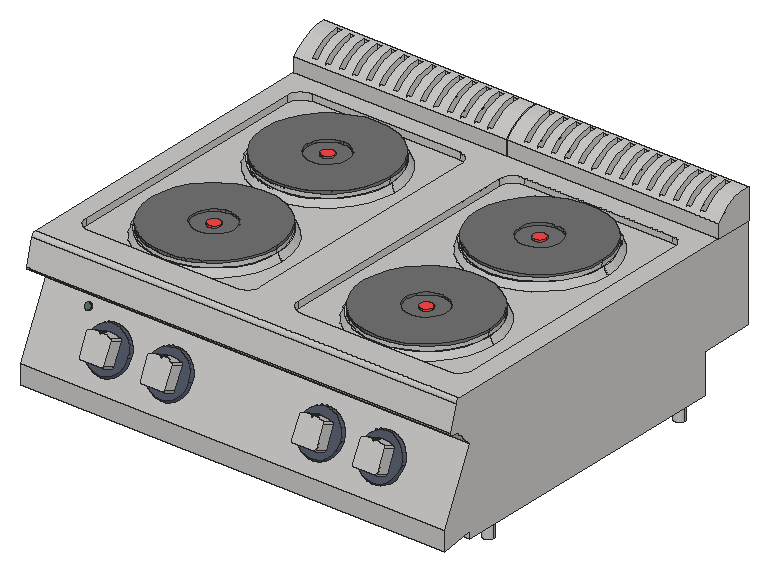
Revit family "QF_ZANUSSI_372015_Z7ECEH4R00", category Specialty Equipment, Revit 2018 (continued)
Automatic sketch dimensions
  curve 168 to curve 159 = 0 mm  (x2)
  curve 187 to curve 183 = 88.173 mm
  curve 203 to curve 199 = 88.173 mm
  curve 143 to curve 152 = 0 mm  (x2)
  curve 203 to curve 194 = 0 mm  (x2)
  curve 178 to curve 187 = 0 mm  (x2)
  curve 141 to curve 142 = 11.392 mm
  curve 138 to curve 139 = 0.809 mm
  curve 139 to curve 139 = 0.277 mm
  curve 142 to curve 142 = 0.284 mm
  curve 140 to curve 140 = 2.465 mm
  curve 142 to curve 145 = 20.417 mm
  curve 144 to curve 146 = 2 mm
  curve 149 to curve 148 = 2.189 mm
  curve 151 to curve 152 = 0.284 mm
  curve 148 to curve 148 = 0.277 mm
  curve 152 to curve 150 = 1.299 mm
  curve 147 to curve 150 = 9.809 mm
  curve 166 to curve 167 = 11.392 mm
  curve 163 to curve 167 = 1.583 mm
  curve 164 to curve 164 = 0.277 mm
  curve 168 to curve 167 = 0.284 mm
  curve 165 to curve 169 = 2.465 mm
  curve 167 to curve 168 = 20.417 mm
  curve 162 to curve 160 = 2 mm
  curve 156 to curve 155 = 2.189 mm
  curve 158 to curve 159 = 0.284 mm
  curve 155 to curve 155 = 0.277 mm
  curve 155 to curve 154 = 0.809 mm
  curve 159 to curve 157 = 1.299 mm
  curve 154 to curve 157 = 9.809 mm
  curve 176 to curve 177 = 11.392 mm
  curve 173 to curve 174 = 0.809 mm
  curve 174 to curve 174 = 0.277 mm
  curve 177 to curve 177 = 0.284 mm
  curve 175 to curve 175 = 2.465 mm
  curve 177 to curve 178 = 20.417 mm
  curve 178 to curve 187 = 2 mm
  curve 184 to curve 183 = 2.189 mm
  curve 186 to curve 187 = 0.284 mm
  curve 183 to curve 184 = 0.277 mm
  curve 183 to curve 183 = 0.809 mm
  curve 187 to curve 185 = 1.299 mm
  curve 182 to curve 185 = 9.809 mm
  curve 201 to curve 202 = 11.392 mm
  curve 202 to curve 202 = 1.583 mm
  curve 199 to curve 199 = 0.277 mm
  curve 202 to curve 202 = 0.284 mm
  curve 199 to curve 200 = 2.465 mm
  curve 202 to curve 196 = 20.417 mm
  curve 203 to curve 194 = 2 mm
  curve 191 to curve 190 = 2.189 mm
  curve 193 to curve 193 = 0.284 mm
  curve 190 to curve 191 = 0.277 mm
  curve 190 to curve 189 = 0.809 mm
  curve 194 to curve 192 = 1.299 mm
  curve 189 to curve 192 = 9.809 mm
  curve 137 to plane 4 "RIGHT" = 0.1 mm
  curve 206 to plane 4 "RIGHT" = 0.05 mm
  curve 177 to curve 173 = 7.106 mm
  curve 193 to curve 192 = 7.106 mm
  curve 167 to curve 162 = 7.106 mm
  curve 150 to curve 147 = 4.292 mm
  curve 151 to curve 146 = 7.106 mm
  curve 192 to curve 189 = 4.292 mm
  curve 201 to curve 198 = 4.292 mm
  curve 168 to curve 162 = 3.441 mm
  curve 187 to curve 181 = 3.441 mm
  curve 194 to curve 195 = 3.441 mm
  curve 143 to curve 144 = 3.441 mm
  curve 181 to curve 187 = 2.23 mm
  curve 197 to curve 203 = 2.23 mm
  curve 162 to curve 168 = 2.23 mm
  curve 144 to curve 143 = 2.23 mm
  curve 156 to curve 171 = 6.567 mm
  curve 206 to curve 137 = 15 mm
  curve 165 to curve 170 = 6.567 mm
  curve 184 to curve 205 = 6.567 mm
  curve 140 to curve 172 = 6.567 mm
  plane 11 to Extrusion 1 sketch curve = 117.116 mm
  Extrusion 1 sketch curve to plane 13 = 110.989 mm
  plane 11 to Extrusion 1 sketch curve = 101.999 mm
  Extrusion 1 sketch curve to plane 13 = 111.816 mm
  Extrusion 1 sketch curve to Extrusion 1 sketch curve = 2.884 mm
  plane 11 to Extrusion 1 sketch curve = 88.948 mm
  Extrusion 1 sketch curve to Extrusion 1 sketch curve = 10.198 mm
  Extrusion 1 sketch curve to Extrusion 1 sketch curve = 7.474 mm
  plane 11 to Extrusion 1 sketch curve = 60.761 mm
  Extrusion 1 sketch curve to Extrusion 1 sketch curve = 0.445 mm
  Extrusion 1 sketch curve to Extrusion 1 sketch curve = 3.2 mm
  Extrusion 1 sketch curve to plane 6 "TOP" = 103.561 mm
  Extrusion 1 sketch curve to Extrusion 1 sketch curve = 31.82 mm
  plane 1 "BACK" to Extrusion 1 sketch curve = 103 mm
  Extrusion 1 sketch curve to plane 13 = 58 mm
  Extrusion 1 sketch curve to plane 1 "BACK" = 0 mm
  Extrusion 1 sketch curve to plane 10 "TOP A" = 176 mm
  Extrusion 1 sketch curve to plane 10 "TOP A" = 209.492 mm
  Extrusion 1 sketch curve to Extrusion 1 sketch curve = 27.08 mm
  Extrusion 1 sketch curve to Extrusion 1 sketch curve = 35 mm
  Extrusion 1 sketch curve to Extrusion 1 sketch curve = 74 mm
  radius of Extrusion 2 sketch curve = 9.525 mm  (x4)
  radius of Extrusion 3 sketch curve = 12.7 mm
  radius of Extrusion 10 sketch curve = 6 mm
  radius of Blend 11 sketch curve = 42.5 mm
  radius of Blend 11 sketch curve = 40.5 mm
  radius of Split face 1 sketch curve = 3 mm
  radius of Blend 17 sketch curve = 42.5 mm
  radius of Blend 17 sketch curve = 40.5 mm
  radius of Split face 10 sketch curve = 1.5 mm
  radius of Split face 11 sketch curve = 2.029 mm
  radius of Split face 12 sketch curve = 2.031 mm
  radius of Split face 13 sketch curve = 3.497 mm
  radius of Split face 14 sketch curve = 3.497 mm
  radius of Split face 15 sketch curve = 3 mm
  radius of Split face 16 sketch curve = 1.5 mm
  radius of Blend 19 sketch curve = 42.5 mm
  radius of Blend 19 sketch curve = 40.5 mm
  radius of Split face 17 sketch curve = 3 mm
  radius of Blend 25 sketch curve = 42.5 mm
  radius of Blend 25 sketch curve = 40.5 mm
  radius of Split face 26 sketch curve = 1.5 mm
  radius of Split face 27 sketch curve = 2.029 mm
  radius of Split face 28 sketch curve = 2.031 mm
  radius of Split face 29 sketch curve = 3.497 mm
  radius of Split face 30 sketch curve = 3.497 mm
  radius of Split face 31 sketch curve = 3 mm
  radius of Split face 32 sketch curve = 1.5 mm
Nested families
  nested 1: "QF_372015_HOT PLATES" at (72.525, -113.898, 261.938), type "QF_372015_HOT PLATES"
    with Type Mark "", Specification by User "", Revision Code "", Item Number "", Installed By "", Identify Quantity as Lot yes, Furnished By "", Foodservice Equipment Identifier yes
  nested 2: "QF_372015_HOT PLATES" at (72.525, -635.872, 261.938), type "QF_372015_HOT PLATES"
    with Type Mark "", Specification by User "", Revision Code "", Item Number "", Installed By "", Identify Quantity as Lot yes, Furnished By "", Foodservice Equipment Identifier yes
  nested 3: "QF_372015_HOT PLATES" at (727.575, -113.898, 261.938) x (-1, 0, 0) z (0, 0, 1), type "QF_372015_HOT PLATES"
    with Type Mark "", Specification by User "", Revision Code "", Item Number "", Installed By "", Identify Quantity as Lot yes, Furnished By "", Foodservice Equipment Identifier yes
  nested 4: "QF_372015_HOT PLATES" at (727.575, -635.872, 261.938) x (-1, 0, 0) z (0, 0, 1), type "QF_372015_HOT PLATES"
    with Type Mark "", Specification by User "", Revision Code "", Item Number "", Installed By "", Identify Quantity as Lot yes, Furnished By "", Foodservice Equipment Identifier yes
Connectors
  electrical at (747.613, -98.425, 60.513), driven by "Volts", driven by "Watts"
    settings: on Extrusion 3, index 1, voltage 400 V, apparent load 10400 VA, apparent load phase1 0 VA, apparent load phase2 0 VA, apparent load phase3 0 VA, power factor 1, load classification "Other", number of poles 1, system type 30, power factor state 1, is connector primary yes, connector utility no, sub classification motor no, connector description "Electrical Connection"
Definition of nested family "QF_372015_HOT PLATES"
  Parameters
    Width = 255 mm  # constant formula
    Weight in Pounds = 0
    URL Cutsheet = ""
    URL = ""
    Type Mark [instance] = ""
    Specification by User [instance] = ""
    Specification by Manufacturer = ""
    Serial Number = ""
    Seismic Rating = ""
    SMACNA No = ""
    Revision Code [instance] = ""
    Omniclass Number and Title = ""
    NAFEM Spec ID Number = ""
    Model = ""
    Masterspec = ""
    Manufacturer = ""
    Item Number [instance] = ""
    Installed By [instance] = ""
    Identify Quantity as Lot [instance] = yes
    Height = 23 mm  # constant formula
    Furnished By [instance] = ""
    Foodservice Equipment Identifier [instance] = yes
    Description = ""
    Depth = 255 mm  # constant formula
    CSI MasterFormat = ""
    CSI Master Format = ""
    Assembly Code = ""
  Reference planes
    plane 1 "BACK": y = 0
    plane 2: z = 0
    plane 3 "LEFT": x = 0
    plane 4 "RIGHT": x = 255
    plane 5 "FRONT": y = -255
    plane 6 "TOP": z = 23
    plane 7 "Center Y": x = 127.5
    plane 8 "Center X": y = -127.5
  Forms (mm)
    Extrusion 1, solid
      sketch origin (-72.525, 113.875, 19.181) x (1, 0, 0) y (0, 1, 0)
        loop
          circle (200.025, -241.375) r 117.925
        loop
          circle (200.025, -241.375) r 38.208
      from 0 to 3.819
    Extrusion 2, solid
      sketch origin (-72.525, 113.875, 19.181) x (1, 0, 0) y (0, 1, 0)
        loop
          circle (200.025, -241.375) r 11.669
      from 0 to 1.964
    Extrusion 3, solid
      sketch origin (-72.525, 113.875, 12.7) x (1, 0, 0) y (0, 1, 0)
        loop
          circle (200.025, -241.375) r 38.208
      from 0 to 6.481
    Blend 4, solid
      base sketch origin (-72.525, 113.875, 0) x (1, 0, 0) y (0, 1, 0)
        loop
          circle (200.025, -241.375) r 127.548
      top sketch origin (-72.525, 113.875, 0) x (1, 0, 0) y (0, 1, 0)
        loop
          circle (200.025, -241.375) r 120.402
      from 0 to 11.731
    Extrusion 5, solid
      sketch origin (-72.525, 113.875, 11.731) x (1, 0, 0) y (0, 1, 0)
        loop
          circle (200.025, -241.375) r 117.925
        loop
          circle (200.025, -241.375) r 39.808
      from 0 to 7.45
  Lines and regions (mm)
    symbolic lines
      curve 1: circle (127.5, -127.5, 0) r 11.669 normal (0, 0, 1)
      curve 2: circle (127.5, -127.5, 0) r 38.208 normal (0, 0, 1)
      curve 3: circle (127.5, -127.5, 0) r 120.402 normal (0, 0, 1)
      curve 4: circle (127.5, -127.5, 0) r 127.548 normal (0, 0, 1)
  Dimensions and locks
    equal spacing: plane 3 "LEFT", plane 7 "Center Y", plane 4 "RIGHT"
    "Width": plane 3 "LEFT" to plane 4 "RIGHT"
    equal spacing: plane 5 "FRONT", plane 8 "Center X", plane 1 "BACK"
    "Depth": plane 5 "FRONT" to plane 1 "BACK"
    plane 1 "BACK" to plane 5 "FRONT" = 255 mm
    "Height": plane 6 "TOP" to level
    aligned and locked: level to plane 2
  Automatic sketch dimensions
    Extrusion 3 sketch curve to plane 7 "Center Y" = 0 mm
    Extrusion 3 sketch curve to plane 8 "Center X" = 0 mm
    Blend 4 sketch curve to plane 7 "Center Y" = 0 mm  (x2)
    Blend 4 sketch curve to plane 8 "Center X" = 0 mm  (x2)
    curve 1 to curve 2 = 0 mm  (x2)
    curve 1 to curve 3 = 0 mm  (x2)
    curve 1 to curve 4 = 0 mm  (x2)
    curve 2 to curve 3 = 0 mm  (x2)
    curve 2 to curve 4 = 0 mm  (x2)
    curve 3 to curve 4 = 0 mm  (x2)
    curve 2 to plane 7 "Center Y" = 0 mm
    curve 2 to plane 8 "Center X" = 0 mm
    radius of Extrusion 1 sketch curve to Extrusion 5 = 0 mm
    radius of Extrusion 1 sketch curve to Extrusion 5 = 1.6 mm
    radius of Extrusion 2 sketch curve to Extrusion 3 = 26.539 mm
    radius of Extrusion 3 sketch curve = 38.208 mm
    radius of Blend 4 sketch curve = 127.548 mm
    radius of Blend 4 sketch curve = 120.402 mm
    radius of Extrusion 5 sketch curve to Blend 4 = 2.478 mm
    radius of Extrusion 5 sketch curve to Blend 4 = 80.594 mm
    radius of curve 1 = 11.669 mm
    radius of curve 2 = 38.208 mm
    radius of curve 3 = 120.402 mm
    radius of curve 4 = 127.548 mm
